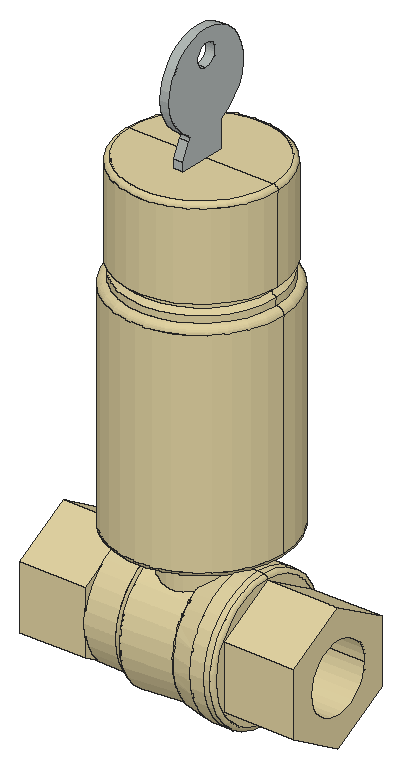
Revit family "QH13520000", category Apparecchi idraulici, Revit 2020
Family settings
  Quota connettore circolare = Usa diametro
  Tipo di parte = Normale
  Numero OmniClass = 23.45.00.00
  Titolo OmniClass = Sanitary, Laundry, and Cleaning Equipment
  Basato su piano di lavoro = No
  Sempre verticale = Sì
  Taglio con vuoti quando caricato = No
  Condiviso = No
  Punto di calcolo locali = No
Parameters
  URL = "https://web.cimberio.com/index.php/figura/729?subcategoria_id=63"
  Temperatura di esercizio = "-20 ÷ 150°C"
  Prospetto di default = 0 mm
  Produttore = "CIMBERIO SPA"
  Pressione nominale = "PN 32"
  Modello = "Cim B12CR"
  Materiale = "Prodotto in lega di ottone “CR” – “DZR” conforme alla norma EN 12165-CW602N-M"
  Descrizione = "Utilizzato nei più svariati settori dell'impiantistica: impianti di riscaldamento, condizionamento, idrici, igienico-sanitari e in generale con ogni fluido non corrosivo.\r\nParticolarmente indicato come valvola  per la regolazione e contabilizzazione di impianti di riscaldamento singoli o a zone, impianti con utilizzazione di energie alternative, impianti con fluidi caldi o freddi e impianti di automazione in genere"
  DN Model [instance] = QH13521015 : QH13521015
  DN [instance] = 15 mm
  Commenti sul tipo = "Realizzato in ottemperanza ai requisiti gestionali della norma EN ISO 9001.\r\nCollaudato al 100% secondo la normativa EN 12266-1"
Reference planes
  plane 1 "Centro (Fronte/Retro)": y = 0
  plane 2: z = 0
  plane 3 "Centro (Sinistra/Destra)": x = 0
Dimensions and locks
  aligned and locked: level to plane 2
Nested families
  nested 1: "QH13521015" at (0, 0, 0), type <- "DN Model", type "QH13521015"
  nested 2: "QH13521015" at (0, 0, 0), type <- "DN Model", type "QH13521015"
  nested 3: "QH13521015" at (0, 0, 0), type <- "DN Model", type "QH13521015"
  nested 4: "QH13521015" at (0, 0, 0), type <- "DN Model", type "QH13521015"
Connectors
  piping at (30.3, 0, 0), diameter 15, driven by "DN"
    settings: on nested 1, index 1, connector inside diameter 609.6 mm, connector length 0 mm, flow factor 0, pipe flow 0.0 L/s, pressure drop 0.0 Pa, fitting loss kfactor 0, connector angle 0.00°, fixture units 0, engagement length 0 mm, angle of deflection 0.00°, flow configuration 0, flow direction 0, fitting loss method 0, system type 7, joint type 0, gender type 0, connector reference index -1, connector utility 0, adjustable connector no, is connector primary yes, connector description ""
  piping at (-30.6, 0, 0), diameter 15, driven by "DN"
    settings: on nested 1, index 2, connector inside diameter 609.6 mm, connector length 0 mm, flow factor 0, pipe flow 0.0 L/s, pressure drop 0.0 Pa, fitting loss kfactor 0, connector angle 0.00°, fixture units 0, engagement length 0 mm, angle of deflection 0.00°, flow configuration 0, flow direction 0, fitting loss method 0, system type 7, joint type 0, gender type 0, connector reference index -1, connector utility 0, adjustable connector no, is connector primary no, connector description ""
Definition of nested family "QH13521015"
  Parameters (values of type "QH13521015")
    Default Elevation = 0 mm
  Reference planes
    plane 1 "Centro (Fronte/Retro)": y = 0
    plane 2: z = 0
    plane 3 "Centro (Sinistra/Destra)": x = 0
  Forms (mm)
    Revolve 1, solid
      sketch origin (0, 0, 0) x (1, 0, 0) y (0, 0, 1)
        loop
          line (-16, 12.545) -> (-16, 9.095) -> (14.6, 9.095) -> (14.6, 14.095)
          arc (14.6, 14.095) -> (14.382, 14.662) -> (13.91, 15.045) r 1.176
          line (13.91, 15.045) -> (12.6, 15.045) -> (9.467, 15.045) -> (4.921, 14.045)
          arc (4.921, 14.045) -> (4.581, 13.814) -> (4.277, 13.537) r 2.89
          arc (4.277, 13.537) -> (-1.302, 13.666) -> (-6.853, 14.231) r 71.332
          arc (-6.853, 14.231) -> (-7.421, 13.882) -> (-8.038, 13.628) r 4.2
          arc (-8.038, 13.628) -> (-8.419, 13.04) -> (-8.914, 12.545) r 3.326
          line (-8.914, 12.545) -> (-16, 12.545)
        axis (-16, 0) -> (14.6, 0)
      angle from 0 to 360
    Extrusion 2, solid
      sketch origin (-16, 0, 0) x (0, 0, 1) y (0, 1, 0)
        loop
          circle (0, 0) r 7.5
        loop
          line (-14, 0) -> (-7, -12.124) -> (7, -12.124) -> (14, 0) -> (7, 12.124) -> (-7, 12.124) -> (-14, 0)
      from 0 to 14.6
    Extrusion 3, solid
      sketch origin (16, 0, 0) x (0, 0, 1) y (0, -1, 0)
        loop
          circle (0, 0) r 7.5
        loop
          line (-14, 0) -> (-7, -12.124) -> (7, -12.124) -> (14, 0) -> (7, 12.124) -> (-7, 12.124) -> (-14, 0)
      from -1.4 to 14.3
    Extrusion 4, solid
      sketch origin (0, 0, 28.55) x (1, 0, 0) y (0, 1, 0)
        loop
          circle (0, 0) r 8.45
        loop
          circle (0, 0) r 6.348
      from -20.832 to 5.337
    Extrusion 5, solid
      sketch origin (0, 0, 0) x (1, 0, 0) y (0, 0, 1)
        loop
          line (-13, 26.345) -> (-13, 21.045) -> (-11, 19.89) -> (-11, 11.799) -> (-6.613, 11.799) -> (-6.613, 26.345) -> (-13, 26.345)
      from 0 to 1.497
    Revolve 6, solid
      sketch origin (0, 0, -2.533) x (1, 0, 0) y (0, 0, 1)
        loop
          line (10.291, 22.3) -> (17.75, 22.3)
          arc (17.75, 22.3) -> (18.1, 22.587) -> (18.25, 23.014) r 0.842
          line (18.25, 23.014) -> (18.25, 70.3)
          arc (18.25, 70.3) -> (17.719, 71.453) -> (16.498, 71.8) r 1.518
          line (16.498, 71.8) -> (16.5, 73.3) -> (15.5, 74.3) -> (15.5, 75.8) -> (17, 75.8) -> (17, 94.8)
          arc (17, 94.8) -> (16.707, 95.507) -> (16, 95.8) r 1
          line (16, 95.8) -> (0, 95.8) -> (0, 29.057) -> (10.291, 29.057) -> (10.291, 22.3)
        axis (0, 95.8) -> (0, 22.3)
      angle from 0 to 360
    Extrusion 7, solid
      sketch origin (-0.019, 51.037, 54.986) x (0, 0, 1) y (0.000364, -1, 0)
        loop
          line (38.28, 57.338) -> (38.28, 47.002) -> (43.63, 47.002)
          arc (43.63, 47.002) -> (44.157, 46.852) -> (44.526, 46.446) r 1
          arc (44.526, 46.446) -> (63.954, 50.68) -> (44.828, 56.118) r 10.25
          arc (44.828, 56.118) -> (44.264, 55.664) -> (43.541, 55.709) r 1
          line (43.541, 55.709) -> (40.024, 57.338) -> (38.28, 57.338)
        loop
          circle (58.709, 51) r 2.5
      from -1 to 1
  Cuts and joins
    joined: Revolve 1, Extrusion 4, Extrusion 5
  Dimensions and locks
    aligned and locked: level to plane 2
